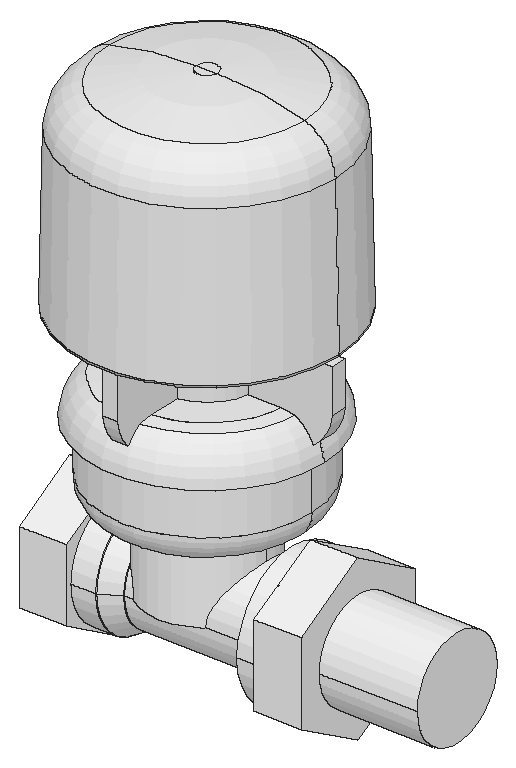
Revit family "RA-IN_Straight_DN10-20_F_Aero_RFA-1", category Pipe Accessories, Revit 2019 (continued)
Definition of nested family "Schematic_TRV_Sensor_Straight"
  Parameters (values of type "Schematic_TRV_Sensor_Straight")
    LA_1 = 1 / 9 * HA  # 3.111 mm
    HT = 48.00 mm
    HA_2 = 4 / 5 * HA  # 22.40 mm
    HA_1 = 1 / 5 * HA  # 5.60 mm
    HA = 4 / 5 * D  # 28.00 mm
    LA = 3 / 5 * HA  # 16.80 mm
    L = 80.00 mm
    D = 35.00 mm
  Reference planes
    plane 1 "Center (Front/Back)": y = 0
    plane 2: z = 0
    plane 3 "Center (Left/Right)": x = 0
    plane 4: z = 17.5
    plane 5: z = -17.5
    plane 6: z = 76
    plane 7: x = 40
    plane 8: x = -40
    plane 9: y = 17.5
    plane 10: y = -17.5
    plane 11: y = 76
    plane 12: z = 48
    plane 13: x = -8.4
    plane 14: x = 8.4
    plane 15: y = 48
    plane 16: z = 70.4
    plane 17: x = -5.289
    plane 18: x = 5.289
    plane 19: z = 53.6
    plane 20: y = 70.4
    plane 21: y = 53.6
    plane 22 "centerline": z = 0
  Lines and regions (mm)
    model lines
      curve 1: line (0, 0, 48) -> (0, 0, 0)
      curve 2: line (0, 0, 0) -> (-40, 0, 17.5)
      curve 3: line (-40, 0, 17.5) -> (-40, 0, -17.5)
      curve 4: line (-40, 0, -17.5) -> (0, 0, 0)
      curve 5: line (0, 0, 0) -> (40, 0, 17.5)
      curve 6: line (40, 0, 17.5) -> (40, 0, -17.5)
      curve 7: line (40, 0, -17.5) -> (0, 0, 0)
      curve 15: line (-8.4, 0, 76) -> (8.4, 0, 76)
      curve 16: line (-8.4, 0, 48) -> (-8.4, 0, 76)
      curve 17: line (8.4, 0, 48) -> (-8.4, 0, 48)
      curve 18: line (8.4, 0, 76) -> (8.4, 0, 48)
      curve 23: line (-5.289, 0, 70.4) -> (5.289, 0, 70.4)
      curve 24: line (0, 0, 53.6) -> (0, 0, 70.4)
    symbolic lines
      curve 8: line (40, 17.5, 0) -> (40, -17.5, 0)
      curve 9: line (-40, 17.5, 0) -> (-40, -17.5, 0)
      curve 10: line (-40, 17.5, 0) -> (0, 0, 0)
      curve 11: line (0, 0, 0) -> (-40, -17.5, 0)
      curve 12: line (0, 0, 0) -> (40, -17.5, 0)
      curve 13: line (0, 0, 0) -> (40, 17.5, 0)
      curve 14: line (0, 48, 0) -> (0, 0, 0)
      curve 19: line (-8.4, 76, 0) -> (8.4, 76, 0)
      curve 20: line (-8.4, 48, 0) -> (-8.4, 76, 0)
      curve 21: line (8.4, 48, 0) -> (-8.4, 48, 0)
      curve 22: line (8.4, 76, 0) -> (8.4, 48, 0)
      curve 25: line (-5.289, 70.4, 0) -> (5.289, 70.4, 0)
      curve 26: line (0, 53.6, 0) -> (0, 70.4, 0)
  Dimensions and locks
    "D": plane 4 to plane 5
    equal spacing: plane 4, level, plane 5
    equal spacing: plane 7, plane 3 "Center (Left/Right)", plane 8
    "D": plane 10 to plane 9
    equal spacing: plane 10, plane 1 "Center (Front/Back)", plane 9
    "L": plane 7 to plane 8
    "LA": plane 14 to plane 13
    equal spacing: plane 14, plane 3 "Center (Left/Right)", plane 13
    "HA": plane 6 to plane 12
    "HA": plane 15 to plane 11
    "HA_1": plane 6 to plane 16
    "LA_1": plane 17 to plane 13
    "LA_1": plane 14 to plane 18
    "HA_2": plane 6 to plane 19
    "HA_1": plane 20 to plane 11
    "HA_2": plane 21 to plane 11
    "HT": plane 12 to level
    "HT": plane 1 "Center (Front/Back)" to plane 15
    aligned and locked: level to plane 2
    aligned and locked: curve 9 to plane 8
    aligned and locked: curve 8 to plane 7
    aligned and locked: curve 14 to plane 3 "Center (Left/Right)"
    aligned and locked: plane 12 to curve 1
    aligned and locked: curve 15 to plane 6
    aligned and locked: plane 13 to curve 16
    aligned and locked: plane 12 to curve 17
    aligned and locked: curve 18 to plane 14
    aligned and locked: plane 15 to curve 14
    aligned and locked: plane 17 to curve 23
    aligned and locked: plane 18 to curve 23
    aligned and locked: curve 23 to plane 16
    aligned and locked: plane 3 "Center (Left/Right)" to curve 24
    aligned and locked: plane 19 to curve 24
    aligned and locked: plane 16 to curve 24
    aligned and locked: level to curve 1
    aligned and locked: plane 1 "Center (Front/Back)" to curve 14
  Automatic sketch dimensions
    curve 4 to plane 5 = 0.00 mm
    curve 4 to plane 8 = 0.00 mm
    curve 5 to level = 0.00 mm
    curve 5 to plane 3 "Center (Left/Right)" = 0.00 mm
    curve 6 to plane 4 = 0.00 mm
    curve 6 to plane 7 = 0.00 mm
    curve 7 to plane 5 = 0.00 mm
    curve 7 to level = 0.00 mm
    curve 3 to plane 4 = 0.00 mm
    curve 21 to plane 13 = 0.00 mm
    curve 25 to plane 17 = 0.00 mm
    curve 26 to plane 3 "Center (Left/Right)" = 0.00 mm
    curve 25 to plane 18 = 0.00 mm
    curve 21 to plane 14 = 0.00 mm
    plane 10 to curve 12 = 0.00 mm
    plane 10 to curve 9 = 0.00 mm
    plane 9 to curve 9 = 0.00 mm
    plane 9 to curve 13 = 0.00 mm
    curve 26 to plane 21 = 0.00 mm
    curve 25 to plane 20 = 0.00 mm
    curve 26 to plane 20 = 0.00 mm
    plane 11 to curve 19 = 0.00 mm
Types (3, lengths in mm): name | length | Weight | SL | SD | R_200_1 | R_200 | RV4 | RV3 | RV2 | Model Type | Model | L4 | RV5 | L8 | L7 | L6 | L5 | L | Kvs | Ha | HT1 | L3 | L2 | L1 | HT | H | DB1 | DV1 | L_nut thread2 | L_nut thread1 | D
  RA-IN_Straight_DN10_Internal_F_013G6582 | 74.50 | 0.20 kg | 56.00 | 31.18 | 15.59 | 12.53 | 13.30 | 9.50 | 10.80 | "RA-IN_Straight_DN10_Internal_F" | "013G6582" | 8.50 | 8.30 | 6.00 | 14.50 | 7.50 | 4.20 | 74.50 | 0.65 m³/h | 98.66 | 15.00 | 9.80 | 30.00 | 26.00 | 48.00 | 114.249 | 25.50 | 18.00 | 13.50 | 10.85 | 10.00
  RA-IN_Straight_DN15_Internal_F_013G6584 | 82.00 | 0.24 kg | 61.00 | 34.64 | 17.32 | 15.42 | 14.80 | 12.30 | 12.50 | "RA-IN_Straight_DN15_Internal_F" | "013G6584" | 10.00 | 10.50 | 3.80 | 15.50 | 9.50 | 4.00 | 82.00 | 0.9 m³/h | 98.66 | 15.00 | 10.00 | 32.00 | 29.00 | 48.00 | 115.981 | 25.50 | 20.30 | 15.00 | 13.35 | 15.00
  RA-IN_Straight_DN20_Internal_F_013G6586 | 96.60 | 0.39 kg | 74.30 | 42.38 | 21.19 | 18.30 | 18.20 | 15.00 | 15.60 | "RA-IN_Straight_DN20_Internal_F" | "013G6586" | 14.00 | 13.30 | 4.20 | 18.00 | 14.00 | 6.20 | 96.60 | 1.4 m³/h | 103.66 | 20.00 | 12.20 | 39.30 | 35.00 | 53.00 | 124.849 | 29.00 | 25.00 | 18.35 | 15.85 | 20.00
